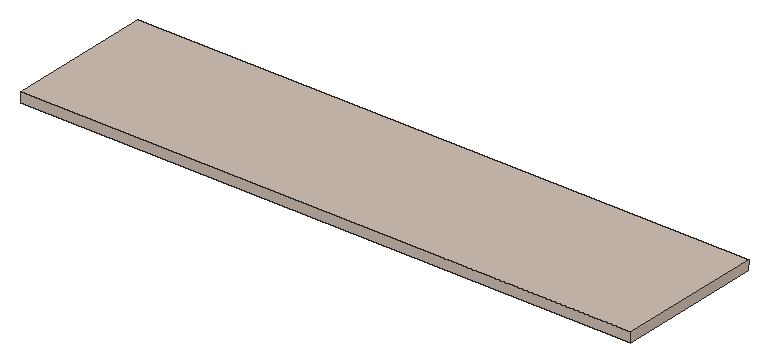
Revit family
Parameters (values of type "Worktop without Hole")
  Worktop Width = 600 mm
  Worktop Thickness = 40 mm
  Worktop Length [instance] = 2500 mm
  Vis - Worktop with Hole = no
  Vis - Worktop no Hole = yes
  Material Worktop = Laminate - Marble
  Hole Y Offset = 75 mm
  Hole X Offset [instance] = 800 mm
  Hole Width = 850 mm
  Hole Depth = 450 mm
  Depth = Worktop Width  # 600 mm
  Height = 900 mm
  Width [instance] = Worktop Length  # 2500 mm
Types (3, lengths in mm): name | Vis - Worktop with Hole | Vis - Worktop no Hole
  (no name) | no | yes
  Worktop without Hole | no | yes
  Worktop with Hole | yes | no
Reference planes
  plane 1 "Back": y = 0
  plane 2: z = 0
  plane 3 "Front": y = -600
  plane 4 "Left": x = -405.3
  plane 5 "Right": x = 2094.7
  plane 6 "Top": z = 900
  plane 7: x = 394.7
  plane 8: x = 1244.7
  plane 9: y = -75
  plane 10: y = -525
Forms (mm)
  Extrusion 1, solid, material "Laminate - Marble" <- "Material Worktop", visible <- "Vis - Worktop no Hole"
    sketch origin (0, 0, 900) x (0, -1, 0) y (-1, 0, 0)
      loop
        line (600, 405.3) -> (0, 405.3) -> (0, -2094.7) -> (600, -2094.7) -> (600, 405.3)
    from 0 to 40
  Extrusion 2, solid, material "Laminate - Marble" <- "Material Worktop", visible <- "Vis - Worktop with Hole"
    sketch origin (0, 0, 900) x (0, -1, 0) y (-1, 0, 0)
      loop
        line (600, 405.3) -> (0, 405.3) -> (0, -2094.7) -> (600, -2094.7) -> (600, 405.3)
      loop
        line (525, -394.7) -> (75, -394.7) -> (75, -1244.7) -> (525, -1244.7) -> (525, -394.7)
    from 0 to 40
Dimensions and locks
  "Worktop Length": plane 5 "Right" to plane 4 "Left"
  "Worktop Width": plane 3 "Front" to plane 1 "Back"
  "Height": level to plane 6 "Top"
  "Worktop Thickness": plane 6 "Top" to Extrusion 1
  "Hole X Offset": plane 4 "Left" to plane 7
  "Hole Width": plane 7 to plane 8
  "Hole Y Offset": plane 9 to plane 1 "Back"
  "Hole Depth": plane 10 to plane 9
  "Worktop Thickness": plane 6 "Top" to Extrusion 2
Automatic sketch dimensions
  Extrusion 1 sketch curve to plane 1 "Back" = 0 mm
  Extrusion 1 sketch curve to plane 3 "Front" = 0 mm
  Extrusion 1 sketch curve to plane 4 "Left" = 0 mm
  Extrusion 1 sketch curve to plane 5 "Right" = 0 mm
  Extrusion 2 sketch curve to plane 1 "Back" = 0 mm
  Extrusion 2 sketch curve to plane 7 = 0 mm
  Extrusion 2 sketch curve to plane 9 = 0 mm
  Extrusion 2 sketch curve to plane 8 = 0 mm
  Extrusion 2 sketch curve to plane 10 = 0 mm
  Extrusion 2 sketch curve to plane 3 "Front" = 0 mm
  Extrusion 2 sketch curve to plane 4 "Left" = 0 mm
  Extrusion 2 sketch curve to plane 5 "Right" = 0 mm
